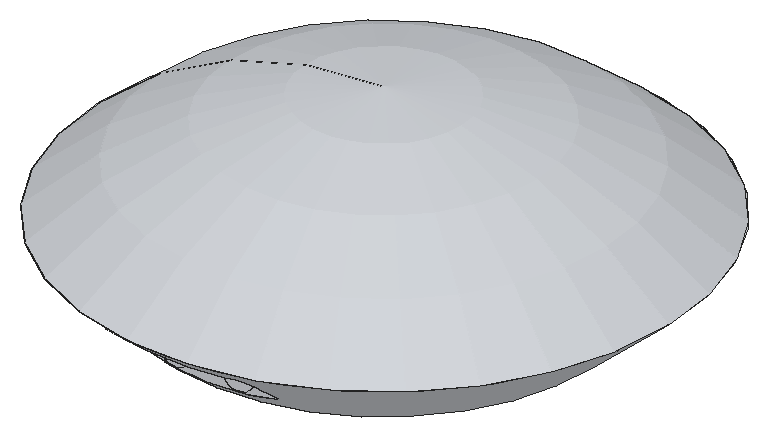
Revit family "0049023 Sylvania Lighting Fixture Start Surface IP66 2500lm 840 MW IK10 BLK", category Lighting Fixtures, host Face, Revit 2016
Family settings
  Host = Face
  Part Type = Normal
  Round Connector Dimension = Use Diameter
  OmniClass Number = 23.80.70.00
  OmniClass Title = Lighting
  Cut with Voids When Loaded = No
  Light Source = Yes
  Shared = No
  Room Calculation Point = No
Parameters (values of type "Type Name")
  power entry width = 90 mm
  power entry height = 28 mm
  power connector height = 12.5 mm
  power connector centres = 39 mm
  height = 110 mm
  connector position 2 = 40 mm
  connector length = 2 mm
  base height = 40 mm
  backplate diameter = 256 mm
  Weight = ""
  Wattage Comments = ""
  Wattage = 9.2903 W
  WarrantyStartDate [instance] = "n/a"
  WarrantyGuarantorParts = "n/a"
  WarrantyDurationUnit = "n/a"
  WarrantyDurationParts = "n/a"
  WarrantyDescription = "n/a"
  built-in parameter 1150110 = 1 (stored number, unit not read)
  Voltage = 0 V
  URL = "http://www.feilosylvania.com"
  TypeName = ""
  Type Image = <None>
  Type Comments = "n/a"
  Tube Diameter = 80 mm
  built-in parameter 1114217 = 1 (stored number, unit not read)
  Tilt Angle = 90.00°
  built-in parameter 1150109 = 1 (stored number, unit not read)
  built-in parameter 1150134 = 3
  built-in parameter 1150113 = 1 (stored number, unit not read)
  SerialNumber [instance] = "n/a"
  Photometric Web File = "0049023-450mA.ies"
  Material_3_FEILO = none
  PowerFactor = 0
  PowerConsumption = ""
  NominalLength = 0 mm
  NominalHeight = 0 mm
  NominalDepth = 0 mm
  Name = ""
  ModelReference = Name  # ""
  ModelNumber = ""
  Model = Name  # ""
  Material = ""
  ManufacturerName = "Feilo Sylvania"
  Manufacturer = "Feilo Sylvania"
  LuminousEfficacy = ""
  built-in parameter 1150105 = 109.82 (stored number, unit not read)
  Lumens = 1380 lm
  LuminaireType = ""
  built-in parameter 1150115 = 1 (stored number, unit not read)
  LightOutputRatio = ""
  built-in parameter 1150137 = (empty or 0)
  built-in parameter 1150139 = (empty or 0)
  LampsType = Lamp  # ""
  LampNominalLuminous = ""
  LampMacAdamStep = ""
  LampColourTemperature = ""
  LampColourRenderingIndex = ""
  built-in parameter 1150112 = 1 (stored number, unit not read)
  built-in parameter 1150114 = 1 (stored number, unit not read)
  Lamp = ""
  Keynote = "16500"
  InstallationDate [instance] = "n/a"
  InputVoltage = ""
  InputNominalFrequency = ""
  built-in parameter 1150132 = (empty or 0)
  built-in parameter 1150102 = (empty or 0)
  built-in parameter 1150107 = 3200 (stored number, unit not read)
  built-in parameter 1150138 = (empty or 0)
  IngressProtection = ""
  ImpactProtectionIndex = ""
  built-in parameter 1150106 = 1.0982 (stored number, unit not read)
  IfcExportType = "IfcLightFixtureType"
  IfcExportAs = "IfcLightFixtureType"
  Height = 250 mm
  ExpectedLife = 50000
  Emit from Circle Diameter = 609.6 mm
  Emit Shape Visible in Rendering = no
  ElectricShockClassification = ""
  built-in parameter 1150104 = 13.8 (stored number, unit not read)
  DurationUnit = "hours"
  DocumentationLiterature = ""
  DimmingControlOptions = ""
  Material_2_FEILO = none
  Dimming Lamp Color Temperature Shift = <None>
  Diameter = 350 mm
  Description = ""
  Default Elevation = 1219.2 mm
  CreatedOn = ""
  CreatedBy = ""
  Cost = 0
  Color Filter = 16777215
  built-in parameter 1114216 [instance] = (empty or 0)
  ClassificationValue = "EF_70_80"
  ClassificationName = "Uniclass2015"
  Material_1_FEILO = none
  BarCode [instance] = "n/a"
  built-in parameter 1114218 = 1 (stored number, unit not read)
  built-in parameter 1150133 = 10 (stored number, unit not read)
  AssetType = ""
  AssetIdentifier [instance] = "n/a"
  Assembly Code = "D5020200"
  Apparent Load = 0 VA
  Material_4_FEILO = none
Reference planes
  plane 1 "Center (Front/Back)": y = 0
  plane 2: z = 0
  plane 3 "Center (Left/Right)": x = 0
  plane 4: z = 0
  plane 5: y = 128
  plane 6: y = -128
  plane 7: y = 175
  plane 8: y = -175
  plane 9: z = 40
  plane 10: z = 110
  plane 11: x = -45.686
  plane 12: x = 44.314
  plane 13: z = 5
  plane 14: z = 33
  plane 15: y = -135
  plane 16: x = 19.5
  plane 17: x = -19.5
  plane 18: z = 20.5
  plane 19: y = -137
  plane 20: y = 135
Forms (mm)
  Blend 1, solid, detail levels medium+fine
    base sketch origin (4.2, 0, 0) x (1, 0, 0) y (0, 1, 0)
      loop
        circle (-4.2, 0) r 128
    top sketch origin (4.2, 0, 0) x (1, 0, 0) y (0, 1, 0)
      loop
        circle (-4.2, 0) r 175
    from 0 to 40
  Revolve 2, solid, detail levels medium+fine
    sketch origin (0, 0, 0) x (1, 0, 0) y (0, 0, 1)
      loop
        arc (175, 40) -> (94.148, 91.621) -> (0, 110) r 257.018
        line (0, 110) -> (0, 40) -> (175, 40)
      axis (0, 110) -> (0, 40)
    angle from -180 to 179.914
  Extrusion 3, void
    sketch origin (0, 0, 0) x (1, 0, 0) y (0, 0, 1)
      loop
        line (-45.686, 25.025) -> (-45.686, 5) -> (44.314, 5) -> (44.314, 25.025)
        arc (44.314, 25.025) -> (42.644, 30.018) -> (38.304, 33) r 8.297
        line (38.304, 33) -> (-39.676, 33)
        arc (-39.676, 33) -> (-44.015, 30.018) -> (-45.686, 25.025) r 8.297
    from 135 to 166.869
  Extrusion 4, solid, detail levels fine
    sketch origin (1524, -324.9, 1219.2) x (1, 0, 0) y (0, 0, 1)
      loop
        circle (-1504.5, -1198.7) r 11
      loop
        circle (-1543.5, -1198.7) r 11
    from -189.9 to -187.9
  Extrusion 5, void
    sketch origin (-0.686, -5.131, 0) x (-1, 0, 0) y (0, 0, 1)
      loop
        line (-45.686, 25.025) -> (-45.686, 5) -> (44.314, 5) -> (44.314, 25.025)
        arc (44.314, 25.025) -> (42.644, 30.018) -> (38.304, 33) r 8.297
        line (38.304, 33) -> (-39.676, 33)
        arc (-39.676, 33) -> (-44.015, 30.018) -> (-45.686, 25.025) r 8.297
    from 140.131 to 175.131
  Extrusion 6, solid
    sketch origin (1524, -52.9, 1219.2) x (1, 0, 0) y (0, 0, 1)
      loop
        circle (-1504.5, -1198.7) r 11
      loop
        circle (-1543.5, -1198.7) r 11
    from -189.9 to -187.9
  Extrusion 7, solid, detail levels coarse
    sketch origin (0, 1219.2, 38) x (1, 0, 0) y (0, 1, 0)
      loop
        line (175.117, -1396.13) -> (175.117, -1044.2) -> (-175, -1044.2) -> (-175, -1396.13) -> (175.117, -1396.13)
    from -38 to 72
Cuts and joins
  Extrusion 3, Extrusion 5 cuts Blend 1
  Extrusion 5 cuts Extrusion 4
Dimensions and locks
  "backplate diameter": plane 5 to plane 6
  equal spacing: plane 5, plane 1 "Center (Front/Back)", plane 6
  "Diameter": plane 7 to plane 8
  equal spacing: plane 7, plane 1 "Center (Front/Back)", plane 8
  "base height": plane 9 to level
  "height": plane 10 to host face
  "power entry width": plane 12 to plane 11
  plane 12 to imposter light to plane 11 = 44.201 mm, 45.799 mm
  "power entry height": plane 14 to plane 13
  "power connector centres": plane 17 to plane 16
  equal spacing: plane 17, plane 3 "Center (Left/Right)", plane 16
  "power connector height": plane 18 to plane 14
  "connector length": plane 15 to plane 19
  "connector position 2": plane 7 to plane 20
  aligned and locked: plane 2 to host face
  aligned and locked: level to host face
  aligned and locked: plane 10 to Extrusion 7
Automatic sketch dimensions
  host sketch curve to host sketch curve = 2438.4 mm  (x2)
  plane 1 "Center (Front/Back)" to Blend 1 sketch curve = 0 mm  (x2)
  Blend 1 sketch curve to plane 3 "Center (Left/Right)" = 0 mm  (x2)
  Revolve 2 sketch curve to plane 3 "Center (Left/Right)" = 0 mm  (x2)
  Revolve 2 sketch curve to plane 9 = 0 mm
  Revolve 2 sketch curve to plane 10 = 0 mm
  Revolve 2 sketch curve to plane 3 "Center (Left/Right)" = 1.306 mm
  plane 3 "Center (Left/Right)" to Revolve 2 sketch curve = 175 mm
  Revolve 2 sketch curve to level = 47.821 mm
  Revolve 2 sketch curve to Revolve 2 sketch curve = 80 mm
  Extrusion 3 sketch curve to plane 11 = 0 mm
  Extrusion 3 sketch curve to plane 14 = 0 mm
  Extrusion 3 sketch curve to plane 12 = 0 mm
  Extrusion 3 sketch curve to plane 13 = 0 mm
  plane 11 to Extrusion 3 sketch curve = 6.01 mm
  plane 18 to Extrusion 3 sketch curve = 4.525 mm  (x2)
  Extrusion 3 sketch curve to Extrusion 3 sketch curve = 8.297 mm
  plane 17 to Extrusion 4 sketch curve = 0 mm
  plane 16 to Extrusion 4 sketch curve = 0 mm
  Extrusion 4 sketch curve to plane 18 = 0 mm  (x2)
  Extrusion 5 sketch curve to plane 13 = 0 mm
  Extrusion 5 sketch curve to plane 14 = 0 mm
  plane 12 to Extrusion 5 sketch curve = 0.686 mm
  Extrusion 5 sketch curve to plane 12 = 5.324 mm
  plane 18 to Extrusion 5 sketch curve = 4.525 mm
  plane 11 to Extrusion 5 sketch curve = 8.982 mm
  plane 11 to Extrusion 5 sketch curve = 6.696 mm
  plane 11 to Extrusion 5 sketch curve = 0.686 mm
  plane 17 to Extrusion 6 sketch curve = 0 mm
  plane 16 to Extrusion 6 sketch curve = 0 mm
  Extrusion 6 sketch curve to plane 18 = 0 mm  (x2)
  Extrusion 7 sketch curve to plane 8 = 1.93 mm
  Extrusion 7 sketch curve to plane 11 = 129.314 mm
  plane 12 to Extrusion 7 sketch curve = 130.802 mm
  plane 5 to Extrusion 7 sketch curve = 47 mm
  radius of Blend 1 sketch curve = 128 mm
  radius of Blend 1 sketch curve = 175 mm
  radius of Extrusion 4 sketch curve = 11 mm  (x2)
  radius of Extrusion 6 sketch curve = 11 mm  (x2)
Connectors
  electrical at (19.5, 137, 20.5)
    settings: on Extrusion 6, index 1, voltage 0 V, apparent load 0 VA, apparent load phase1 0 VA, apparent load phase2 0 VA, apparent load phase3 0 VA, power factor 1, load classification "Other", number of poles 1, system type 31, power factor state 1, is connector primary yes, connector utility no, sub classification motor no, connector description ""
